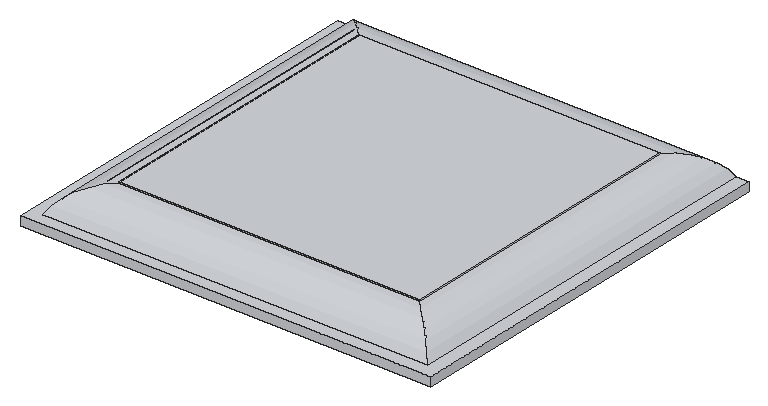
Revit family
Parameters (values of type "Type 1")
  Assembly Code = ""
  AIR 디뷰져재질 = none
Reference planes
  plane 1 "Center (Front/Back)": y = 32.192
  plane 2: z = 0
  plane 3 "Center (Left/Right)": x = 0
  plane 4 "Ceiling": z = 2460.594
  plane 5: y = 200
  plane 6: y = -200
  plane 7: x = 200
  plane 8: x = -200
Forms (mm)
  Extrusion 1, solid, not visible
    sketch origin (0, 0, 4000) x (0, 1, 0) y (-1, 0, 0)
      loop
        line (200, 200) -> (0, 0) -> (200, -200) -> (200, 200)
    from 0 to -50
  Extrusion 2, void, not visible
    sketch origin (0, 0, 0) x (0, 1, 0) y (0, 0, 1)
      loop
        line (200, 4000) -> (0, 3950) -> (0, 3885) -> (219.866, 3885) -> (219.866, 4000) -> (200, 4000)
    from -257.24 to 250
  Extrusion 3, solid, not visible
    sketch origin (0, 0, 4000) x (0, -1, 0) y (1, 0, 0)
      loop
        line (200, -200) -> (200, 200) -> (0, 0) -> (200, -200)
    from 0 to -50
  Extrusion 4, void, not visible
    sketch origin (0, 0, 0) x (0, -1, 0) y (0, 0, -1)
      loop
        line (200, -4000) -> (219.866, -4000) -> (219.866, -3885) -> (0, -3885) -> (0, -3950) -> (200, -4000)
    from -257.24 to 250
  Extrusion 5, solid, material <- "AIR 디뷰져재질", not visible
    sketch origin (0, 0, 4000) x (0, 1, 0) y (-1, 0, 0)
      loop
        line (200, 200) -> (0, 0) -> (200, -200) -> (200, 200)
    from 0 to -50
  Extrusion 6, void, not visible
    sketch origin (0, 0, 0) x (0, 1, 0) y (0, 0, 1)
      loop
        line (200, 4000) -> (0, 3950) -> (0, 3885) -> (219.866, 3885) -> (219.866, 4000) -> (200, 4000)
    from -257.24 to 250
  Extrusion 7, solid, material <- "AIR 디뷰져재질", not visible
    sketch origin (0, 0, 4000) x (0, -1, 0) y (1, 0, 0)
      loop
        line (200, -200) -> (200, 200) -> (0, 0) -> (200, -200)
    from 0 to -50
  Extrusion 8, void, not visible
    sketch origin (0, 0, 0) x (0, -1, 0) y (0, 0, -1)
      loop
        line (200, -4000) -> (219.866, -4000) -> (219.866, -3885) -> (0, -3885) -> (0, -3950) -> (200, -4000)
    from -257.24 to 250
  Extrusion 9, solid, material <- "AIR 디뷰져재질", not visible
    sketch origin (0, 0, 4000) x (1, 0, 0) y (0, 1, 0)
      loop
        line (200, 200) -> (0, 0) -> (200, -200) -> (200, 200)
    from 0 to -50
  Extrusion 10, void, not visible
    sketch origin (0, 0, 0) x (1, 0, 0) y (0, 0, 1)
      loop
        line (200, 4000) -> (0, 3950) -> (0, 3885) -> (219.866, 3885) -> (219.866, 4000) -> (200, 4000)
    from -257.24 to 250
  Extrusion 11, solid, material <- "AIR 디뷰져재질", not visible
    sketch origin (0, 0, 4000) x (1, 0, 0) y (0, 1, 0)
      loop
        line (-200, 200) -> (-200, -200) -> (0, 0) -> (-200, 200)
    from 0 to -50
  Extrusion 12, void, not visible
    sketch origin (0, 0, 0) x (-1, 0, 0) y (0, 0, -1)
      loop
        line (200, -4000) -> (219.866, -4000) -> (219.866, -3885) -> (0, -3885) -> (0, -3950) -> (200, -4000)
    from -257.24 to 250
  Extrusion 13, solid, material <- "AIR 디뷰져재질", not visible
    sketch origin (0, 0, 4000) x (0, 1, 0) y (-1, 0, 0)
      loop
        line (200, 200) -> (0, 0) -> (200, -200) -> (200, 200)
    from 0 to -50
  Extrusion 14, void, not visible
    sketch origin (0, 0, 0) x (0, 1, 0) y (0, 0, 1)
      loop
        line (200, 4000) -> (0, 3950) -> (0, 3885) -> (219.866, 3885) -> (219.866, 4000) -> (200, 4000)
    from -257.24 to 250
  Extrusion 15, solid, material <- "AIR 디뷰져재질", not visible
    sketch origin (0, 0, 4000) x (0, -1, 0) y (1, 0, 0)
      loop
        line (200, -200) -> (200, 200) -> (0, 0) -> (200, -200)
    from 0 to -50
  Extrusion 16, void, not visible
    sketch origin (0, 0, 0) x (0, -1, 0) y (0, 0, -1)
      loop
        line (200, -4000) -> (219.866, -4000) -> (219.866, -3885) -> (0, -3885) -> (0, -3950) -> (200, -4000)
    from -257.24 to 250
  Extrusion 17, solid, material <- "AIR 디뷰져재질", not visible
    sketch origin (0, 0, 4000) x (1, 0, 0) y (0, 1, 0)
      loop
        line (200, 200) -> (0, 0) -> (200, -200) -> (200, 200)
    from 0 to -50
  Extrusion 18, void, not visible
    sketch origin (0, 0, 0) x (1, 0, 0) y (0, 0, 1)
      loop
        line (200, 4000) -> (0, 3950) -> (0, 3885) -> (219.866, 3885) -> (219.866, 4000) -> (200, 4000)
    from -257.24 to 250
  Extrusion 19, solid, material <- "AIR 디뷰져재질", not visible
    sketch origin (0, 0, 4000) x (1, 0, 0) y (0, 1, 0)
      loop
        line (-200, 200) -> (-200, -200) -> (0, 0) -> (-200, 200)
    from 0 to -50
  Extrusion 20, void, not visible
    sketch origin (0, 0, 0) x (-1, 0, 0) y (0, 0, -1)
      loop
        line (200, -4000) -> (219.866, -4000) -> (219.866, -3885) -> (0, -3885) -> (0, -3950) -> (200, -4000)
    from -257.24 to 250
  Extrusion 21, solid, material <- "AIR 디뷰져재질"
    sketch origin (0, 0, 2460.594) x (0, 1, 0) y (-1, 0, 0)
      loop
        line (200, 200) -> (0, 0) -> (200, -200) -> (200, 200)
    from 0 to -50
  Extrusion 22, void
    sketch origin (0, 0, -1539.406) x (0, 1, 0) y (0, 0, 1)
      loop
        line (200, 4000) -> (0, 3950) -> (0, 3885) -> (219.866, 3885) -> (219.866, 4000) -> (200, 4000)
    from -257.24 to 250
  Extrusion 23, solid, material <- "AIR 디뷰져재질"
    sketch origin (0, 0, 2460.594) x (0, -1, 0) y (1, 0, 0)
      loop
        line (200, -200) -> (200, 200) -> (0, 0) -> (200, -200)
    from 0 to -50
  Extrusion 24, void
    sketch origin (0, 0, -1539.406) x (0, -1, 0) y (0, 0, -1)
      loop
        line (200, -4000) -> (219.866, -4000) -> (219.866, -3885) -> (0, -3885) -> (0, -3950) -> (200, -4000)
    from -257.24 to 250
  Extrusion 25, solid, material <- "AIR 디뷰져재질"
    sketch origin (0, 0, 2460.594) x (1, 0, 0) y (0, 1, 0)
      loop
        line (200, 200) -> (0, 0) -> (200, -200) -> (200, 200)
    from 0 to -50
  Extrusion 26, void
    sketch origin (0, 0, -1539.406) x (1, 0, 0) y (0, 0, 1)
      loop
        line (200, 4000) -> (0, 3950) -> (0, 3885) -> (219.866, 3885) -> (219.866, 4000) -> (200, 4000)
    from -257.24 to 250
  Extrusion 27, solid, material <- "AIR 디뷰져재질"
    sketch origin (0, 0, 2460.594) x (1, 0, 0) y (0, 1, 0)
      loop
        line (-200, 200) -> (-200, -200) -> (0, 0) -> (-200, 200)
    from 0 to -50
  Extrusion 28, void
    sketch origin (0, 0, -1539.406) x (-1, 0, 0) y (0, 0, -1)
      loop
        line (200, -4000) -> (219.866, -4000) -> (219.866, -3885) -> (0, -3885) -> (0, -3950) -> (200, -4000)
    from -257.24 to 250
  Extrusion 29, solid, material <- "AIR 디뷰져재질", not visible
    sketch origin (0, 0, 4000) x (0, 1, 0) y (-1, 0, 0)
      loop
        line (200, 200) -> (0, 0) -> (200, -200) -> (200, 200)
    from 0 to -50
  Extrusion 30, void, not visible
    sketch origin (0, 0, 0) x (0, 1, 0) y (0, 0, 1)
      loop
        line (200, 4000) -> (0, 3950) -> (0, 3885) -> (219.866, 3885) -> (219.866, 4000) -> (200, 4000)
    from -257.24 to 250
  Extrusion 31, solid, material <- "AIR 디뷰져재질", not visible
    sketch origin (0, 0, 4000) x (0, -1, 0) y (1, 0, 0)
      loop
        line (200, -200) -> (200, 200) -> (0, 0) -> (200, -200)
    from 0 to -50
  Extrusion 32, void, not visible
    sketch origin (0, 0, 0) x (0, -1, 0) y (0, 0, -1)
      loop
        line (200, -4000) -> (219.866, -4000) -> (219.866, -3885) -> (0, -3885) -> (0, -3950) -> (200, -4000)
    from -257.24 to 250
  Extrusion 33, solid, material <- "AIR 디뷰져재질", not visible
    sketch origin (0, 0, 4000) x (1, 0, 0) y (0, 1, 0)
      loop
        line (200, 200) -> (0, 0) -> (200, -200) -> (200, 200)
    from 0 to -50
  Extrusion 34, void, not visible
    sketch origin (0, 0, 0) x (1, 0, 0) y (0, 0, 1)
      loop
        line (200, 4000) -> (0, 3950) -> (0, 3885) -> (219.866, 3885) -> (219.866, 4000) -> (200, 4000)
    from -257.24 to 250
  Extrusion 35, solid, material <- "AIR 디뷰져재질", not visible
    sketch origin (0, 0, 4000) x (1, 0, 0) y (0, 1, 0)
      loop
        line (-200, 200) -> (-200, -200) -> (0, 0) -> (-200, 200)
    from 0 to -50
  Extrusion 36, void, not visible
    sketch origin (0, 0, 0) x (-1, 0, 0) y (0, 0, -1)
      loop
        line (200, -4000) -> (219.866, -4000) -> (219.866, -3885) -> (0, -3885) -> (0, -3950) -> (200, -4000)
    from -257.24 to 250
  Extrusion 37, solid, material <- "AIR 디뷰져재질"
    sketch origin (0, 0, 0) x (1, 0, 0) y (0, 1, 0)
      loop
        line (-220, -220) -> (220, -220) -> (220, 220) -> (-220, 220) -> (-220, -220)
    from 2486.512 to 2497.386
  Sweep 38, solid, material <- "AIR 디뷰져재질"
    path in 3D
      loop
        line (-220, 220, 2497.386) -> (-220, -220, 2497.386) -> (220, -220, 2497.386) -> (220, 220, 2497.386) -> (-220, 220, 2497.386)
    profile origin (0, 220, 2497.386) x (0, -1, 0) y (0, 0, 1)
      loop
        arc (-50, -36.792) -> (-28.484, -17.112) -> (0, -10.874) r 56.156
        line (0, -10.874) -> (0, -0.864)
        arc (0, -0.864) -> (-36.006, -9.841) -> (-61.514, -36.792) r 66.156
        line (-61.514, -36.792) -> (-50, -36.792)
  Extrusion 39, solid
    sketch origin (0, 0, 2410.594) x (1, 0, 0) y (0, 1, 0)
      loop
        line (270, 270) -> (-270, 270) -> (-270, -270) -> (270, -270) -> (270, 270)
      loop
        line (-300, 281.514) -> (-300, -300) -> (300, -300) -> (300, 281.514) -> (-300, 281.514)
    from 36.812 to 50
Cuts and joins
  Extrusion 22 cuts Extrusion 21
  Extrusion 22, Extrusion 24 cuts Extrusion 23
  Extrusion 22, Extrusion 26 cuts Extrusion 25
  Extrusion 22, Extrusion 28 cuts Extrusion 27
Lines and regions (mm)
  Opening 1
    outline origin (0, 32.192, 2460.594) x (1, 0, 0) y (0, 1, 0)
      loop
        line (-270, -302.192) -> (270, -302.192) -> (270, 237.808) -> (-270, 237.808) -> (-270, -302.192)
  sketch lines
    curve 1: line (220, 220, 2497.386) -> (-220, 220, 2497.386)
    curve 2: line (-220, 220, 2497.386) -> (-220, -220, 2497.386)
    curve 3: line (-220, -220, 2497.386) -> (220, -220, 2497.386)
    curve 4: line (220, -220, 2497.386) -> (220, 220, 2497.386)
Dimensions and locks
  equal spacing: host sketch curve, plane 3 "Center (Left/Right)", host sketch curve
  equal spacing: host sketch curve, plane 1 "Center (Front/Back)", host sketch curve
  host sketch curve to host sketch curve = 4000 mm  (x2)
  locked: plane 4 "Ceiling" to host ceiling at 0
  plane 4 "Ceiling" to Extrusion 37 to Extrusion 37 = 25.918 mm locked, 10.874 mm locked
  locked: Extrusion 39 to Extrusion 39 at 13.188
  aligned and locked: Extrusion 28 to plane 4 "Ceiling"
  aligned and locked: Extrusion 39 to cut or joined group of Extrusion 21, Extrusion 22
  aligned and locked: Opening 1 sketch curve to Extrusion 39  (x4)
